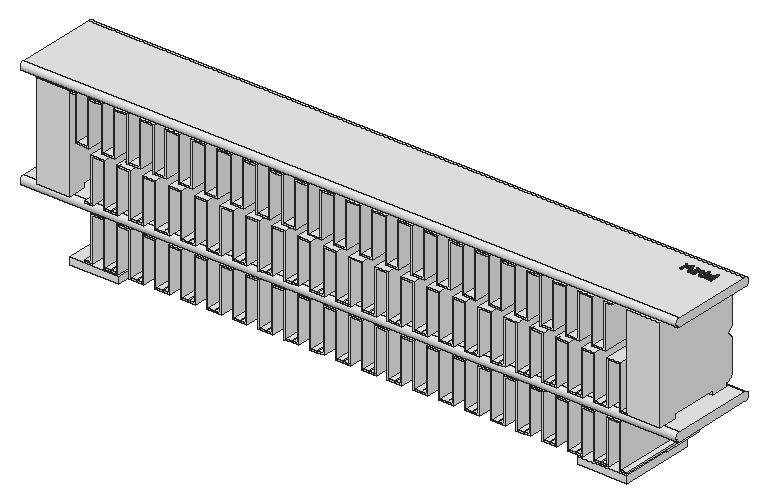
Revit family "Runtal-R3F-1", category Mechanical Equipment, host Face, Revit 2024 (continued)
Definition of nested family "R3f_Plan_Coarse"
  Dimensions and locks
    locked: plane 4 to plane 6 at 76.2
    aligned and locked: plane 5 to curve 1
    aligned and locked: plane 4 to curve 1
    aligned and locked: curve 1 to Masking region 1
    aligned and locked: Masking region 2 to Masking region 1
  Automatic sketch dimensions
    plane 6 to curve 2 = 38.150 mm
    plane 1 "Center (Front/Back)" to curve 2 = 41.273 mm
    curve 2 to curve 2 = 35.875 mm
    plane 5 to curve 3 = 38.100 mm
    plane 1 "Center (Front/Back)" to curve 3 = 41.275 mm
    curve 3 to curve 3 = 35.877 mm
    plane 5 to Masking region 2 sketch curve = 38.100 mm
    Masking region 2 sketch curve to plane 1 "Center (Front/Back)" = 0.952 mm  (x2)
    plane 7 to Masking region 2 sketch curve = 0.000 mm
    plane 6 to Masking region 2 sketch curve = 0.050 mm
    plane 6 to Masking region 2 sketch curve = 38.150 mm
    Masking region 2 sketch curve to Masking region 2 sketch curve = 5.358 mm  (x2)
    Masking region 1 sketch curve to plane 4 = 0.000 mm  (x2)
    Masking region 1 sketch curve to plane 4 = 12.700 mm
    plane 1 "Center (Front/Back)" to Masking region 1 sketch curve = 119.698 mm  (x2)
    Masking region 1 sketch curve to Masking region 1 sketch curve = 6.350 mm  (x2)
    Masking region 1 sketch curve to plane 5 = 0.000 mm  (x2)
    Masking region 1 sketch curve to Masking region 1 sketch curve = 12.700 mm
    plane 1 "Center (Front/Back)" to Masking region 1 sketch curve = 46.673 mm  (x2)
    plane 6 to Masking region 1 sketch curve = 0.050 mm
    Masking region 1 sketch curve to plane 1 "Center (Front/Back)" = 0.952 mm  (x2)
    Masking region 1 sketch curve to plane 4 = 38.050 mm
    plane 5 to Masking region 1 sketch curve = 38.100 mm
    plane 1 "Center (Front/Back)" to Masking region 1 sketch curve = 126.048 mm
    plane 1 "Center (Front/Back)" to Masking region 1 sketch curve = 4.406 mm
    Masking region 1 sketch curve to plane 7 = 0.000 mm
Definition of nested family "R3F_Plan_Medium"
  Parameters
    width = 508.000 mm
  Reference planes
    plane 1 "Center (Front/Back)": y = 0
    plane 2: z = 0
    plane 3 "Center (Left/Right)": x = 0
    plane 4: x = -254
    plane 5: x = 254
  Lines and regions (mm)
    Masking region 1, in view "Ref. Level", detail levels medium+fine
      outline origin (0, 0, 0) x (1, 0, 0) y (0, 1, 0)
        loop
          line (-215.9, -41.275) -> (-254, -41.275) -> (-254, -47.625) -> (-241.3, -47.625) -> (-241.3, -120.65) -> (-254, -120.65) -> (-254, -127) -> (254, -127) -> (254, -120.65) -> (241.3, -120.65) -> (241.3, -47.625) -> (254, -47.625) -> (254, -41.275) -> (215.95, -41.275) -> (215.95, 0) -> (177.85, 0) -> (177.85, -5.358) -> (-177.8, -5.358) -> (-177.8, 0) -> (-215.9, 0) -> (-215.9, -41.275)
    detail lines, in view "Ref. Level", detail levels medium+fine
      curve 1: line (241.3, -47.625, 0) -> (215.9, -47.625, 0)
      curve 2: line (241.3, -80.963, 0) -> (241.3, -47.625, 0)
      curve 3: line (215.9, -80.963, 0) -> (241.3, -80.963, 0)
      curve 4: line (215.9, -47.625, 0) -> (215.9, -80.963, 0)
      curve 5: line (241.3, -80.963, 0) -> (215.9, -80.963, 0)
      curve 6: line (241.3, -114.3, 0) -> (241.3, -80.963, 0)
      curve 7: line (215.9, -114.3, 0) -> (241.3, -114.3, 0)
      curve 8: line (215.9, -80.963, 0) -> (215.9, -114.3, 0)
      curve 9: line (215.9, -114.3, 0) -> (241.3, -114.3, 0)
      curve 10: line (215.9, -120.65, 0) -> (215.9, -114.3, 0)
      curve 11: line (241.3, -120.65, 0) -> (215.9, -120.65, 0)
      curve 12: line (241.3, -114.3, 0) -> (241.3, -120.65, 0)
      curve 13: line (254, -120.65, 0) -> (-254, -120.65, 0)
      curve 14: line (254, -127, 0) -> (254, -120.65, 0)
      curve 15: line (-254, -127, 0) -> (254, -127, 0)
      curve 16: line (-254, -120.65, 0) -> (-254, -127, 0)
      curve 17: line (-241.3, -84.138, 0) -> (-215.9, -84.138, 0)
      curve 18: line (-241.3, -117.475, 0) -> (-241.3, -84.138, 0)
      curve 19: line (-215.9, -117.475, 0) -> (-241.3, -117.475, 0)
      curve 20: line (-215.9, -84.138, 0) -> (-215.9, -117.475, 0)
      curve 21: line (-241.3, -117.475, 0) -> (-215.9, -117.475, 0)
      curve 22: line (-241.3, -120.65, 0) -> (-241.3, -117.475, 0)
      curve 23: line (-215.9, -120.65, 0) -> (-241.3, -120.65, 0)
      curve 24: line (-215.9, -117.475, 0) -> (-215.9, -120.65, 0)
      curve 25: line (-241.3, -50.8, 0) -> (-215.9, -50.8, 0)
      curve 26: line (-241.3, -84.138, 0) -> (-241.3, -50.8, 0)
      curve 27: line (-215.9, -84.138, 0) -> (-241.3, -84.138, 0)
      curve 28: line (-215.9, -50.8, 0) -> (-215.9, -84.138, 0)
      curve 29: line (-241.3, -47.625, 0) -> (-215.9, -47.625, 0)
      curve 30: line (-241.3, -50.8, 0) -> (-241.3, -47.625, 0)
      curve 31: line (-215.9, -50.8, 0) -> (-241.3, -50.8, 0)
      curve 32: line (-215.9, -83.5, 0) -> (215.9, -83.5, 0)
      curve 33: line (-215.9, -47.625, 0) -> (-215.9, -83.5, 0)
      curve 34: line (215.9, -47.625, 0) -> (-215.9, -47.625, 0)
      curve 35: line (215.9, -83.5, 0) -> (215.9, -47.625, 0)
      curve 36: line (-215.9, -84.135, 0) -> (215.9, -84.135, 0)
      curve 37: line (-215.9, -120.65, 0) -> (-215.9, -84.138, 0)
      curve 38: line (215.9, -120.65, 0) -> (-215.9, -120.65, 0)
      curve 39: line (215.9, -83.5, 0) -> (215.9, -120.65, 0)
      curve 40: line (-254, -47.625, 0) -> (254, -47.625, 0)
      curve 41: line (-254, -41.275, 0) -> (-254, -47.625, 0)
      curve 42: line (254, -41.275, 0) -> (-254, -41.275, 0)
      curve 43: line (254, -47.625, 0) -> (254, -41.275, 0)
      curve 79: line (-177.8, -5.358, 0) -> (-215.9, -5.358, 0)
      curve 80: line (177.85, -5.358, 0) -> (215.95, -5.358, 0)
    detail lines, in view "Ref. Level", not visible, detail levels medium+fine
      curve 44: line (-254, -120.65, 0) -> (-254, -127, 0)
      curve 45: line (-241.3, -84.138, 0) -> (-215.9, -84.138, 0)
      curve 46: line (-241.3, -117.475, 0) -> (-241.3, -84.138, 0)
      curve 47: line (-215.9, -117.475, 0) -> (-241.3, -117.475, 0)
      curve 48: line (-215.9, -84.138, 0) -> (-215.9, -117.475, 0)
      curve 49: line (-241.3, -117.475, 0) -> (-215.9, -117.475, 0)
      curve 50: line (-241.3, -120.65, 0) -> (-241.3, -117.475, 0)
      curve 51: line (-215.9, -120.65, 0) -> (-241.3, -120.65, 0)
      curve 52: line (-215.9, -117.475, 0) -> (-215.9, -120.65, 0)
      curve 53: line (-241.3, -50.8, 0) -> (-215.9, -50.8, 0)
      curve 54: line (-241.3, -84.138, 0) -> (-241.3, -50.8, 0)
      curve 55: line (-215.9, -84.138, 0) -> (-241.3, -84.138, 0)
      curve 56: line (-215.9, -50.8, 0) -> (-215.9, -84.138, 0)
      curve 57: line (-241.3, -47.625, 0) -> (-215.9, -47.625, 0)
      curve 58: line (-241.3, -50.8, 0) -> (-241.3, -47.625, 0)
      curve 59: line (-215.9, -50.8, 0) -> (-241.3, -50.8, 0)
      curve 60: line (-215.9, -47.625, 0) -> (-215.9, -83.5, 0)
      curve 61: line (-215.9, -120.65, 0) -> (-215.9, -84.138, 0)
      curve 62: line (-254, -41.275, 0) -> (-254, -47.625, 0)
      curve 63: line (241.3, -47.625, 0) -> (215.9, -47.625, 0)
      curve 64: line (241.3, -80.963, 0) -> (241.3, -47.625, 0)
      curve 65: line (215.9, -80.963, 0) -> (241.3, -80.963, 0)
      curve 66: line (215.9, -47.625, 0) -> (215.9, -80.963, 0)
      curve 67: line (241.3, -80.963, 0) -> (215.9, -80.963, 0)
      curve 68: line (241.3, -114.3, 0) -> (241.3, -80.963, 0)
      curve 69: line (215.9, -114.3, 0) -> (241.3, -114.3, 0)
      curve 70: line (215.9, -80.963, 0) -> (215.9, -114.3, 0)
      curve 71: line (215.9, -114.3, 0) -> (241.3, -114.3, 0)
      curve 72: line (215.9, -120.65, 0) -> (215.9, -114.3, 0)
      curve 73: line (241.3, -120.65, 0) -> (215.9, -120.65, 0)
      curve 74: line (241.3, -114.3, 0) -> (241.3, -120.65, 0)
      curve 75: line (254, -127, 0) -> (254, -120.65, 0)
      curve 76: line (215.9, -83.5, 0) -> (215.9, -47.625, 0)
      curve 77: line (215.9, -83.5, 0) -> (215.9, -120.65, 0)
      curve 78: line (254, -47.625, 0) -> (254, -41.275, 0)
  Dimensions and locks
    equal spacing: plane 4, plane 3 "Center (Left/Right)", plane 5
    "width": plane 4 to plane 5
    aligned and locked: plane 4 to curve 41  (x2)
    aligned and locked: plane 4 to curve 16  (x3)
    aligned and locked: curve 43 to plane 5
    aligned and locked: curve 14 to plane 5
    aligned and locked: plane 4 to curve 42
    aligned and locked: plane 5 to curve 43  (x2)
    aligned and locked: plane 5 to curve 14
    aligned and locked: plane 5 to curve 15
    aligned and locked: plane 4 to curve 15
    aligned and locked: plane 4 to curve 13
    aligned and locked: plane 4 to curve 40
    aligned and locked: plane 5 to curve 13
    aligned and locked: plane 5 to curve 42
    aligned and locked: plane 5 to curve 40
    aligned and locked: curve 39 to curve 36
    aligned and locked: curve 32 to curve 39
    aligned and locked: curve 37 to curve 36
    aligned and locked: curve 37 to curve 32
    aligned and locked: plane 4 to Masking region 1  (x2)
    aligned and locked: Masking region 1 to plane 5  (x2)
  Automatic sketch dimensions
    plane 1 "Center (Front/Back)" to curve 13 = 120.650 mm
    plane 1 "Center (Front/Back)" to curve 15 = 127.000 mm
    plane 1 "Center (Front/Back)" to curve 32 = 83.500 mm
    plane 1 "Center (Front/Back)" to curve 36 = 84.135 mm
    plane 1 "Center (Front/Back)" to curve 40 = 47.625 mm
    plane 1 "Center (Front/Back)" to curve 42 = 41.275 mm
    curve 34 to plane 4 = 38.100 mm
    plane 5 to curve 34 = 38.100 mm
    plane 1 "Center (Front/Back)" to curve 34 = 47.625 mm
    curve 38 to plane 4 = 38.100 mm
    plane 5 to curve 38 = 38.100 mm
    plane 1 "Center (Front/Back)" to curve 38 = 120.650 mm
    Masking region 1 sketch curve to plane 4 = 0.000 mm  (x2)
    Masking region 1 sketch curve to plane 5 = 0.000 mm  (x2)
    plane 1 "Center (Front/Back)" to Masking region 1 sketch curve = 127.000 mm
    Masking region 1 sketch curve to plane 4 = 12.700 mm
    plane 1 "Center (Front/Back)" to Masking region 1 sketch curve = 0.000 mm  (x2)
    Masking region 1 sketch curve to plane 4 = 38.100 mm
    Masking region 1 sketch curve to Masking region 1 sketch curve = 38.100 mm
    plane 5 to Masking region 1 sketch curve = 76.150 mm
    plane 5 to Masking region 1 sketch curve = 38.050 mm
    Masking region 1 sketch curve to Masking region 1 sketch curve = 12.700 mm
    Masking region 1 sketch curve to Masking region 1 sketch curve = 6.350 mm  (x4)
    plane 1 "Center (Front/Back)" to Masking region 1 sketch curve = 47.625 mm  (x2)
    curve 23 to curve 23 = 25.400 mm
    curve 33 to curve 25 = 0.000 mm
    curve 16 to curve 22 = 12.700 mm
    curve 41 to curve 29 = 12.700 mm
    curve 23 to curve 21 = 3.175 mm
    curve 19 to curve 17 = 33.337 mm
    curve 17 to curve 26 = 33.338 mm
    curve 25 to curve 29 = 3.175 mm
    curve 16 to curve 22 = 6.350 mm
    curve 16 to curve 16 = 6.350 mm
    curve 17 to curve 33 = 0.638 mm
    curve 41 to curve 29 = 0.000 mm
    curve 41 to curve 41 = 6.350 mm
    curve 51 to curve 51 = 25.400 mm
    curve 60 to curve 53 = 0.000 mm
    curve 44 to curve 50 = 12.700 mm
    curve 62 to curve 57 = 12.700 mm
    curve 51 to curve 49 = 3.175 mm
    curve 47 to curve 45 = 33.337 mm
    curve 45 to curve 54 = 33.338 mm
    curve 53 to curve 57 = 3.175 mm
    curve 44 to curve 50 = 6.350 mm
    curve 44 to curve 44 = 6.350 mm
    curve 45 to curve 60 = 0.638 mm
    curve 62 to curve 57 = 0.000 mm
    curve 62 to curve 62 = 6.350 mm
    curve 1 to curve 1 = 25.400 mm
    curve 11 to curve 14 = 12.700 mm
    curve 1 to curve 43 = 12.700 mm
    curve 10 to curve 10 = 6.350 mm
    curve 7 to curve 39 = 30.800 mm
    curve 35 to curve 5 = 2.537 mm
    curve 3 to curve 1 = 33.338 mm
    curve 14 to curve 11 = 6.350 mm
    curve 14 to curve 14 = 6.350 mm
    curve 1 to curve 43 = 0.000 mm
    curve 43 to curve 43 = 6.350 mm
    curve 63 to curve 63 = 25.400 mm
    curve 73 to curve 75 = 12.700 mm
    curve 63 to curve 78 = 12.700 mm
    curve 72 to curve 72 = 6.350 mm
    curve 69 to curve 77 = 30.800 mm
    curve 76 to curve 67 = 2.537 mm
    curve 65 to curve 63 = 33.338 mm
    curve 75 to curve 73 = 6.350 mm
    curve 75 to curve 75 = 6.350 mm
    curve 63 to curve 78 = 0.000 mm
    curve 78 to curve 78 = 6.350 mm
    plane 1 "Center (Front/Back)" to curve 79 = 5.358 mm
    curve 79 to plane 4 = 38.100 mm
    curve 79 to curve 79 = 38.100 mm
    plane 1 "Center (Front/Back)" to curve 80 = 5.358 mm
    plane 5 to curve 80 = 76.150 mm
    plane 5 to curve 80 = 38.050 mm
    Masking region 1 sketch curve to Masking region 1 sketch curve = 5.358 mm
Definition of nested family "Family Back Grilles"
  Parameters
    finLength = 431.800 mm
    Right# = ((finLength - 10.160 mm) / (5.080 mm)) + 1  # 84
    Left# = ((finLength - 7.620 mm) / (5.080 mm)) + 1  # 85
    Default Elevation = 1219.200 mm
  Reference planes
    plane 1 "Center (Front/Back)": y = 0
    plane 2: z = 0
    plane 3 "Center (Left/Right)": x = 0
    plane 4: x = 431.8
  Forms (mm)
    Extrusion 1, solid
      sketch origin (0, 0, 0) x (1, 0, 0) y (0, 1, 0)
        loop
          line (-1219.2, 1219.2) -> (-1219.2, -1219.2) -> (1219.2, -1219.2) -> (1219.2, 1219.2) -> (-1219.2, 1219.2)
      from 0 to -304.8
  Lines and regions (mm)
    model lines
      curve 1: circle (2.54, 5.715, 0) r 1.27 normal (0, 0, 1)
      curve 2: circle (5.08, 1.27, 0) r 1.27 normal (0, 0, 1)
      curve 5: circle (7.62, 5.715, 0) r 1.27 normal (0, 0, 1)
      curve 6: circle (10.16, 1.27, 0) r 1.27 normal (0, 0, 1)
      curve 7: circle (15.24, 1.27, 0) r 1.27 normal (0, 0, 1)
      curve 8: circle (20.32, 1.27, 0) r 1.27 normal (0, 0, 1)
      curve 9: circle (12.7, 5.715, 0) r 1.27 normal (0, 0, 1)
      curve 10: circle (17.78, 5.715, 0) r 1.27 normal (0, 0, 1)
      curve 11: circle (22.86, 5.715, 0) r 1.27 normal (0, 0, 1)
      curve 12: circle (27.94, 5.715, 0) r 1.27 normal (0, 0, 1)
      curve 13: circle (33.02, 5.715, 0) r 1.27 normal (0, 0, 1)
      curve 14: circle (38.1, 5.715, 0) r 1.27 normal (0, 0, 1)
      curve 15: circle (43.18, 5.715, 0) r 1.27 normal (0, 0, 1)
      curve 16: circle (48.26, 5.715, 0) r 1.27 normal (0, 0, 1)
      curve 17: circle (53.34, 5.715, 0) r 1.27 normal (0, 0, 1)
      curve 18: circle (58.42, 5.715, 0) r 1.27 normal (0, 0, 1)
      curve 19: circle (63.5, 5.715, 0) r 1.27 normal (0, 0, 1)
      curve 20: circle (68.58, 5.715, 0) r 1.27 normal (0, 0, 1)
      curve 21: circle (73.66, 5.715, 0) r 1.27 normal (0, 0, 1)
      curve 22: circle (78.74, 5.715, 0) r 1.27 normal (0, 0, 1)
      curve 23: circle (83.82, 5.715, 0) r 1.27 normal (0, 0, 1)
      curve 24: circle (88.9, 5.715, 0) r 1.27 normal (0, 0, 1)
      curve 25: circle (93.98, 5.715, 0) r 1.27 normal (0, 0, 1)
      curve 26: circle (99.06, 5.715, 0) r 1.27 normal (0, 0, 1)
      curve 27: circle (104.14, 5.715, 0) r 1.27 normal (0, 0, 1)
      curve 28: circle (109.22, 5.715, 0) r 1.27 normal (0, 0, 1)
      curve 29: circle (114.3, 5.715, 0) r 1.27 normal (0, 0, 1)
      curve 30: circle (119.38, 5.715, 0) r 1.27 normal (0, 0, 1)
      curve 31: circle (124.46, 5.715, 0) r 1.27 normal (0, 0, 1)
      curve 32: circle (129.54, 5.715, 0) r 1.27 normal (0, 0, 1)
      curve 33: circle (134.62, 5.715, 0) r 1.27 normal (0, 0, 1)
      curve 34: circle (139.7, 5.715, 0) r 1.27 normal (0, 0, 1)
      curve 35: circle (144.78, 5.715, 0) r 1.27 normal (0, 0, 1)
      curve 36: circle (149.86, 5.715, 0) r 1.27 normal (0, 0, 1)
      curve 37: circle (154.94, 5.715, 0) r 1.27 normal (0, 0, 1)
      curve 38: circle (160.02, 5.715, 0) r 1.27 normal (0, 0, 1)
      curve 39: circle (165.1, 5.715, 0) r 1.27 normal (0, 0, 1)
      curve 40: circle (170.18, 5.715, 0) r 1.27 normal (0, 0, 1)
      curve 41: circle (175.26, 5.715, 0) r 1.27 normal (0, 0, 1)
      curve 42: circle (180.34, 5.715, 0) r 1.27 normal (0, 0, 1)
      curve 43: circle (185.42, 5.715, 0) r 1.27 normal (0, 0, 1)
      curve 44: circle (190.5, 5.715, 0) r 1.27 normal (0, 0, 1)
      curve 45: circle (195.58, 5.715, 0) r 1.27 normal (0, 0, 1)
      curve 46: circle (200.66, 5.715, 0) r 1.27 normal (0, 0, 1)
      curve 47: circle (205.74, 5.715, 0) r 1.27 normal (0, 0, 1)
      curve 48: circle (210.82, 5.715, 0) r 1.27 normal (0, 0, 1)
      curve 49: circle (215.9, 5.715, 0) r 1.27 normal (0, 0, 1)
      curve 50: circle (220.98, 5.715, 0) r 1.27 normal (0, 0, 1)
      curve 51: circle (226.06, 5.715, 0) r 1.27 normal (0, 0, 1)
      curve 52: circle (231.14, 5.715, 0) r 1.27 normal (0, 0, 1)
      curve 53: circle (236.22, 5.715, 0) r 1.27 normal (0, 0, 1)
      curve 54: circle (241.3, 5.715, 0) r 1.27 normal (0, 0, 1)
      curve 55: circle (246.38, 5.715, 0) r 1.27 normal (0, 0, 1)
      curve 56: circle (251.46, 5.715, 0) r 1.27 normal (0, 0, 1)
      curve 57: circle (256.54, 5.715, 0) r 1.27 normal (0, 0, 1)
      curve 58: circle (261.62, 5.715, 0) r 1.27 normal (0, 0, 1)
      curve 59: circle (266.7, 5.715, 0) r 1.27 normal (0, 0, 1)
      curve 60: circle (271.78, 5.715, 0) r 1.27 normal (0, 0, 1)
      curve 61: circle (276.86, 5.715, 0) r 1.27 normal (0, 0, 1)
      curve 62: circle (281.94, 5.715, 0) r 1.27 normal (0, 0, 1)
      curve 63: circle (287.02, 5.715, 0) r 1.27 normal (0, 0, 1)
      curve 64: circle (292.1, 5.715, 0) r 1.27 normal (0, 0, 1)
      curve 65: circle (297.18, 5.715, 0) r 1.27 normal (0, 0, 1)
      curve 66: circle (302.26, 5.715, 0) r 1.27 normal (0, 0, 1)
      curve 67: circle (307.34, 5.715, 0) r 1.27 normal (0, 0, 1)
      curve 68: circle (312.42, 5.715, 0) r 1.27 normal (0, 0, 1)
      curve 69: circle (317.5, 5.715, 0) r 1.27 normal (0, 0, 1)
      curve 70: circle (322.58, 5.715, 0) r 1.27 normal (0, 0, 1)
      curve 71: circle (327.66, 5.715, 0) r 1.27 normal (0, 0, 1)
      curve 72: circle (332.74, 5.715, 0) r 1.27 normal (0, 0, 1)
      curve 73: circle (337.82, 5.715, 0) r 1.27 normal (0, 0, 1)
      curve 74: circle (342.9, 5.715, 0) r 1.27 normal (0, 0, 1)
      curve 75: circle (347.98, 5.715, 0) r 1.27 normal (0, 0, 1)
      curve 76: circle (353.06, 5.715, 0) r 1.27 normal (0, 0, 1)
      curve 77: circle (358.14, 5.715, 0) r 1.27 normal (0, 0, 1)
      curve 78: circle (363.22, 5.715, 0) r 1.27 normal (0, 0, 1)
      curve 79: circle (368.3, 5.715, 0) r 1.27 normal (0, 0, 1)
      curve 80: circle (373.38, 5.715, 0) r 1.27 normal (0, 0, 1)
      curve 81: circle (378.46, 5.715, 0) r 1.27 normal (0, 0, 1)
      curve 82: circle (383.54, 5.715, 0) r 1.27 normal (0, 0, 1)
      curve 83: circle (388.62, 5.715, 0) r 1.27 normal (0, 0, 1)
      curve 84: circle (393.7, 5.715, 0) r 1.27 normal (0, 0, 1)
      curve 85: circle (398.78, 5.715, 0) r 1.27 normal (0, 0, 1)
      curve 86: circle (403.86, 5.715, 0) r 1.27 normal (0, 0, 1)
      curve 87: circle (408.94, 5.715, 0) r 1.27 normal (0, 0, 1)
      curve 88: circle (414.02, 5.715, 0) r 1.27 normal (0, 0, 1)
      curve 89: circle (419.1, 5.715, 0) r 1.27 normal (0, 0, 1)
      curve 90: circle (424.18, 5.715, 0) r 1.27 normal (0, 0, 1)
      curve 91: circle (429.26, 5.715, 0) r 1.27 normal (0, 0, 1)
      curve 92: circle (25.4, 1.27, 0) r 1.27 normal (0, 0, 1)
      curve 93: circle (30.48, 1.27, 0) r 1.27 normal (0, 0, 1)
      curve 94: circle (35.56, 1.27, 0) r 1.27 normal (0, 0, 1)
      curve 95: circle (40.64, 1.27, 0) r 1.27 normal (0, 0, 1)
      curve 96: circle (45.72, 1.27, 0) r 1.27 normal (0, 0, 1)
      curve 97: circle (50.8, 1.27, 0) r 1.27 normal (0, 0, 1)
      curve 98: circle (55.88, 1.27, 0) r 1.27 normal (0, 0, 1)
      curve 99: circle (60.96, 1.27, 0) r 1.27 normal (0, 0, 1)
      curve 100: circle (66.04, 1.27, 0) r 1.27 normal (0, 0, 1)
      curve 101: circle (71.12, 1.27, 0) r 1.27 normal (0, 0, 1)
      curve 102: circle (76.2, 1.27, 0) r 1.27 normal (0, 0, 1)
      curve 103: circle (81.28, 1.27, 0) r 1.27 normal (0, 0, 1)
      curve 104: circle (86.36, 1.27, 0) r 1.27 normal (0, 0, 1)
      curve 105: circle (91.44, 1.27, 0) r 1.27 normal (0, 0, 1)
      curve 106: circle (96.52, 1.27, 0) r 1.27 normal (0, 0, 1)
      curve 107: circle (101.6, 1.27, 0) r 1.27 normal (0, 0, 1)
      curve 108: circle (106.68, 1.27, 0) r 1.27 normal (0, 0, 1)
      curve 109: circle (111.76, 1.27, 0) r 1.27 normal (0, 0, 1)
      curve 110: circle (116.84, 1.27, 0) r 1.27 normal (0, 0, 1)
      curve 111: circle (121.92, 1.27, 0) r 1.27 normal (0, 0, 1)
      curve 112: circle (127, 1.27, 0) r 1.27 normal (0, 0, 1)
      curve 113: circle (132.08, 1.27, 0) r 1.27 normal (0, 0, 1)
      curve 114: circle (137.16, 1.27, 0) r 1.27 normal (0, 0, 1)
      curve 115: circle (142.24, 1.27, 0) r 1.27 normal (0, 0, 1)
      curve 116: circle (147.32, 1.27, 0) r 1.27 normal (0, 0, 1)
      curve 117: circle (152.4, 1.27, 0) r 1.27 normal (0, 0, 1)
      curve 118: circle (157.48, 1.27, 0) r 1.27 normal (0, 0, 1)
      curve 119: circle (162.56, 1.27, 0) r 1.27 normal (0, 0, 1)
      curve 120: circle (167.64, 1.27, 0) r 1.27 normal (0, 0, 1)
      curve 121: circle (172.72, 1.27, 0) r 1.27 normal (0, 0, 1)
      curve 122: circle (177.8, 1.27, 0) r 1.27 normal (0, 0, 1)
      curve 123: circle (182.88, 1.27, 0) r 1.27 normal (0, 0, 1)
      curve 124: circle (187.96, 1.27, 0) r 1.27 normal (0, 0, 1)
      curve 125: circle (193.04, 1.27, 0) r 1.27 normal (0, 0, 1)
      curve 126: circle (198.12, 1.27, 0) r 1.27 normal (0, 0, 1)
      curve 127: circle (203.2, 1.27, 0) r 1.27 normal (0, 0, 1)
      curve 128: circle (208.28, 1.27, 0) r 1.27 normal (0, 0, 1)
      curve 129: circle (213.36, 1.27, 0) r 1.27 normal (0, 0, 1)
      curve 130: circle (218.44, 1.27, 0) r 1.27 normal (0, 0, 1)
      curve 131: circle (223.52, 1.27, 0) r 1.27 normal (0, 0, 1)
      curve 132: circle (228.6, 1.27, 0) r 1.27 normal (0, 0, 1)
      curve 133: circle (233.68, 1.27, 0) r 1.27 normal (0, 0, 1)
      curve 134: circle (238.76, 1.27, 0) r 1.27 normal (0, 0, 1)
      curve 135: circle (243.84, 1.27, 0) r 1.27 normal (0, 0, 1)
      curve 136: circle (248.92, 1.27, 0) r 1.27 normal (0, 0, 1)
      curve 137: circle (254, 1.27, 0) r 1.27 normal (0, 0, 1)
      curve 138: circle (259.08, 1.27, 0) r 1.27 normal (0, 0, 1)
      curve 139: circle (264.16, 1.27, 0) r 1.27 normal (0, 0, 1)
      curve 140: circle (269.24, 1.27, 0) r 1.27 normal (0, 0, 1)
      curve 141: circle (274.32, 1.27, 0) r 1.27 normal (0, 0, 1)
      curve 142: circle (279.4, 1.27, 0) r 1.27 normal (0, 0, 1)
      curve 143: circle (284.48, 1.27, 0) r 1.27 normal (0, 0, 1)
      curve 144: circle (289.56, 1.27, 0) r 1.27 normal (0, 0, 1)
      curve 145: circle (294.64, 1.27, 0) r 1.27 normal (0, 0, 1)
      curve 146: circle (299.72, 1.27, 0) r 1.27 normal (0, 0, 1)
      curve 147: circle (304.8, 1.27, 0) r 1.27 normal (0, 0, 1)
      curve 148: circle (309.88, 1.27, 0) r 1.27 normal (0, 0, 1)
      curve 149: circle (314.96, 1.27, 0) r 1.27 normal (0, 0, 1)
      curve 150: circle (320.04, 1.27, 0) r 1.27 normal (0, 0, 1)
      curve 151: circle (325.12, 1.27, 0) r 1.27 normal (0, 0, 1)
      curve 152: circle (330.2, 1.27, 0) r 1.27 normal (0, 0, 1)
      curve 153: circle (335.28, 1.27, 0) r 1.27 normal (0, 0, 1)
      curve 154: circle (340.36, 1.27, 0) r 1.27 normal (0, 0, 1)
      curve 155: circle (345.44, 1.27, 0) r 1.27 normal (0, 0, 1)
      curve 156: circle (350.52, 1.27, 0) r 1.27 normal (0, 0, 1)
      curve 157: circle (355.6, 1.27, 0) r 1.27 normal (0, 0, 1)
      curve 158: circle (360.68, 1.27, 0) r 1.27 normal (0, 0, 1)
      curve 159: circle (365.76, 1.27, 0) r 1.27 normal (0, 0, 1)
      curve 160: circle (370.84, 1.27, 0) r 1.27 normal (0, 0, 1)
      curve 161: circle (375.92, 1.27, 0) r 1.27 normal (0, 0, 1)
      curve 162: circle (381, 1.27, 0) r 1.27 normal (0, 0, 1)
      curve 163: circle (386.08, 1.27, 0) r 1.27 normal (0, 0, 1)
      curve 164: circle (391.16, 1.27, 0) r 1.27 normal (0, 0, 1)
      curve 165: circle (396.24, 1.27, 0) r 1.27 normal (0, 0, 1)
      curve 166: circle (401.32, 1.27, 0) r 1.27 normal (0, 0, 1)
      curve 167: circle (406.4, 1.27, 0) r 1.27 normal (0, 0, 1)
      curve 168: circle (411.48, 1.27, 0) r 1.27 normal (0, 0, 1)
      curve 169: circle (416.56, 1.27, 0) r 1.27 normal (0, 0, 1)
      curve 170: circle (421.64, 1.27, 0) r 1.27 normal (0, 0, 1)
      curve 171: circle (426.72, 1.27, 0) r 1.27 normal (0, 0, 1)
    model lines, not visible
      curve 3: circle (2.54, 5.715, 0) r 1.27 normal (0, 0, 1)
      curve 4: circle (5.08, 1.27, 0) r 1.27 normal (0, 0, 1)
  Dimensions and locks
    "finLength": plane 3 "Center (Left/Right)" to plane 4
    equal spacing: group 1, group 5, group 9, group 10, group 11, group 12, group 13, group 14, group 15, group 16, group 17, group 18, group 19, group 20, group 21, group 22, group 23, group 24, group 25, group 26, group 27, group 28, group 29, group 30, group 31, group 32, group 33, group 34, group 35, group 36, group 37, group 38, group 39, group 40, group 41, group 42, group 43, group 44, group 45, group 46, group 47, group 48, group 49, group 50, group 51, group 52, group 53, group 54, group 55, group 56, group 57, group 58, group 59, group 60, group 61, group 62, group 63, group 64, group 65, group 66, group 67, group 68, group 69, group 70, group 71, group 72, group 73, group 74, group 75, group 76, group 77, group 78, group 79, group 80, group 81, group 82, group 83, group 84, group 85, group 86, group 87, group 88, group 89, group 90, group 91  (x3)
    equal spacing: group 3, group 6, group 7, group 8, group 92, group 93, group 94, group 95, group 96, group 97, group 98, group 99, group 100, group 101, group 102, group 103, group 104, group 105, group 106, group 107, group 108, group 109, group 110, group 111, group 112, group 113, group 114, group 115, group 116, group 117, group 118, group 119, group 120, group 121, group 122, group 123, group 124, group 125, group 126, group 127, group 128, group 129, group 130, group 131, group 132, group 133, group 134, group 135, group 136, group 137, group 138, group 139, group 140, group 141, group 142, group 143, group 144, group 145, group 146, group 147, group 148, group 149, group 150, group 151, group 152, group 153, group 154, group 155, group 156, group 157, group 158, group 159, group 160, group 161, group 162, group 163, group 164, group 165, group 166, group 167, group 168, group 169, group 170, group 171  (x3)
    aligned and locked: plane 2 to Extrusion 1
    aligned and locked: level to Extrusion 1
  Automatic sketch dimensions
    Extrusion 1 sketch curve to Extrusion 1 sketch curve = 2438.400 mm  (x2)
    radius of curve 1 = 1.270 mm
    radius of curve 3 = 1.270 mm
    radius of curve 2 = 1.270 mm
    radius of curve 4 = 1.270 mm
    radius of curve 5 = 1.270 mm
    radius of curve 6 = 1.270 mm
    radius of curve 7 = 1.270 mm
    radius of curve 8 = 1.270 mm
    radius of curve 9 = 1.270 mm
    radius of curve 10 = 1.270 mm
    radius of curve 11 = 1.270 mm
    radius of curve 12 = 1.270 mm
    radius of curve 13 = 1.270 mm
    radius of curve 14 = 1.270 mm
    radius of curve 15 = 1.270 mm
    radius of curve 16 = 1.270 mm
    radius of curve 17 = 1.270 mm
    radius of curve 18 = 1.270 mm
    radius of curve 19 = 1.270 mm
    radius of curve 20 = 1.270 mm
    radius of curve 21 = 1.270 mm
    radius of curve 22 = 1.270 mm
    radius of curve 23 = 1.270 mm
    radius of curve 24 = 1.270 mm
    radius of curve 25 = 1.270 mm
    radius of curve 26 = 1.270 mm
    radius of curve 27 = 1.270 mm
    radius of curve 28 = 1.270 mm
    radius of curve 29 = 1.270 mm
    radius of curve 30 = 1.270 mm
    radius of curve 31 = 1.270 mm
    radius of curve 32 = 1.270 mm
    radius of curve 33 = 1.270 mm
    radius of curve 34 = 1.270 mm
    radius of curve 35 = 1.270 mm
    radius of curve 36 = 1.270 mm
    radius of curve 37 = 1.270 mm
    radius of curve 38 = 1.270 mm
    radius of curve 39 = 1.270 mm
    radius of curve 40 = 1.270 mm
    radius of curve 41 = 1.270 mm
    radius of curve 42 = 1.270 mm
    radius of curve 43 = 1.270 mm
    radius of curve 44 = 1.270 mm
    radius of curve 45 = 1.270 mm
    radius of curve 46 = 1.270 mm
    radius of curve 47 = 1.270 mm
    radius of curve 48 = 1.270 mm
    radius of curve 49 = 1.270 mm
    radius of curve 50 = 1.270 mm
    radius of curve 51 = 1.270 mm
    radius of curve 52 = 1.270 mm
    radius of curve 53 = 1.270 mm
    radius of curve 54 = 1.270 mm
    radius of curve 55 = 1.270 mm
    radius of curve 56 = 1.270 mm
    radius of curve 57 = 1.270 mm
    radius of curve 58 = 1.270 mm
    radius of curve 59 = 1.270 mm
    radius of curve 60 = 1.270 mm
    radius of curve 61 = 1.270 mm
    radius of curve 62 = 1.270 mm
    radius of curve 63 = 1.270 mm
    radius of curve 64 = 1.270 mm
    radius of curve 65 = 1.270 mm
    radius of curve 66 = 1.270 mm
    radius of curve 67 = 1.270 mm
    radius of curve 68 = 1.270 mm
    radius of curve 69 = 1.270 mm
    radius of curve 70 = 1.270 mm
    radius of curve 71 = 1.270 mm
    radius of curve 72 = 1.270 mm
    radius of curve 73 = 1.270 mm
    radius of curve 74 = 1.270 mm
    radius of curve 75 = 1.270 mm
    radius of curve 76 = 1.270 mm
    radius of curve 77 = 1.270 mm
    radius of curve 78 = 1.270 mm
    radius of curve 79 = 1.270 mm
    radius of curve 80 = 1.270 mm
    radius of curve 81 = 1.270 mm
    radius of curve 82 = 1.270 mm
    radius of curve 83 = 1.270 mm
    radius of curve 84 = 1.270 mm
    radius of curve 85 = 1.270 mm
    radius of curve 86 = 1.270 mm
    radius of curve 87 = 1.270 mm
    radius of curve 88 = 1.270 mm
    radius of curve 89 = 1.270 mm
    radius of curve 90 = 1.270 mm
    radius of curve 91 = 1.270 mm
    radius of curve 92 = 1.270 mm
    radius of curve 93 = 1.270 mm
    radius of curve 94 = 1.270 mm
    radius of curve 95 = 1.270 mm
    radius of curve 96 = 1.270 mm
    radius of curve 97 = 1.270 mm
    radius of curve 98 = 1.270 mm
    radius of curve 99 = 1.270 mm
    radius of curve 100 = 1.270 mm
    radius of curve 101 = 1.270 mm
    radius of curve 102 = 1.270 mm
    radius of curve 103 = 1.270 mm
    radius of curve 104 = 1.270 mm
    radius of curve 105 = 1.270 mm
    radius of curve 106 = 1.270 mm
    radius of curve 107 = 1.270 mm
    radius of curve 108 = 1.270 mm
    radius of curve 109 = 1.270 mm
    radius of curve 110 = 1.270 mm
    radius of curve 111 = 1.270 mm
    radius of curve 112 = 1.270 mm
    radius of curve 113 = 1.270 mm
    radius of curve 114 = 1.270 mm
    radius of curve 115 = 1.270 mm
    radius of curve 116 = 1.270 mm
    radius of curve 117 = 1.270 mm
    radius of curve 118 = 1.270 mm
    radius of curve 119 = 1.270 mm
    radius of curve 120 = 1.270 mm
    radius of curve 121 = 1.270 mm
    radius of curve 122 = 1.270 mm
    radius of curve 123 = 1.270 mm
    radius of curve 124 = 1.270 mm
    radius of curve 125 = 1.270 mm
    radius of curve 126 = 1.270 mm
    radius of curve 127 = 1.270 mm
    radius of curve 128 = 1.270 mm
    radius of curve 129 = 1.270 mm
    radius of curve 130 = 1.270 mm
    radius of curve 131 = 1.270 mm
    radius of curve 132 = 1.270 mm
    radius of curve 133 = 1.270 mm
    radius of curve 134 = 1.270 mm
    radius of curve 135 = 1.270 mm
    radius of curve 136 = 1.270 mm
    radius of curve 137 = 1.270 mm
    radius of curve 138 = 1.270 mm
    radius of curve 139 = 1.270 mm
    radius of curve 140 = 1.270 mm
    radius of curve 141 = 1.270 mm
    radius of curve 142 = 1.270 mm
    radius of curve 143 = 1.270 mm
    radius of curve 144 = 1.270 mm
    radius of curve 145 = 1.270 mm
    radius of curve 146 = 1.270 mm
    radius of curve 147 = 1.270 mm
    radius of curve 148 = 1.270 mm
    radius of curve 149 = 1.270 mm
    radius of curve 150 = 1.270 mm
    radius of curve 151 = 1.270 mm
    radius of curve 152 = 1.270 mm
    radius of curve 153 = 1.270 mm
    radius of curve 154 = 1.270 mm
    radius of curve 155 = 1.270 mm
    radius of curve 156 = 1.270 mm
    radius of curve 157 = 1.270 mm
    radius of curve 158 = 1.270 mm
    radius of curve 159 = 1.270 mm
    radius of curve 160 = 1.270 mm
    radius of curve 161 = 1.270 mm
    radius of curve 162 = 1.270 mm
    radius of curve 163 = 1.270 mm
    radius of curve 164 = 1.270 mm
    radius of curve 165 = 1.270 mm
    radius of curve 166 = 1.270 mm
    radius of curve 167 = 1.270 mm
    radius of curve 168 = 1.270 mm
    radius of curve 169 = 1.270 mm
    radius of curve 170 = 1.270 mm
    radius of curve 171 = 1.270 mm
